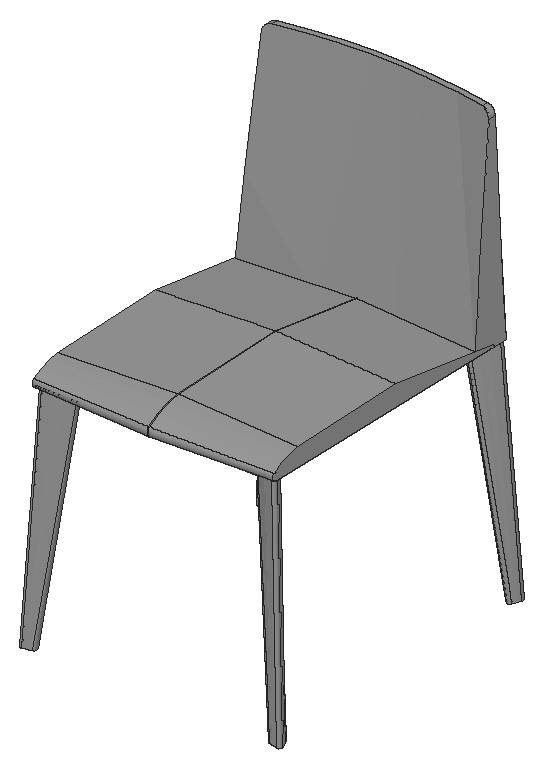
Revit family "Andreu World_Pillow_SI1540", category Furniture, Revit 2013
Parameters (values of type "SI-1540")
  Width = 490 mm
  Upholstery Material = Andreu World Fabric
  URL = "http://www.andreuworld.com/"
  Seat Height = 460 mm
  Reference = "SI-1540"
  Model = "Pillow"
  Manufacturer = "Andreu World"
  Legs Material = Andreu World Beech
  Height = 815 mm
  Description = "Chair with upholstered seat and backrest and solid beech wood frame."
  Depth = 555 mm
Reference planes
  plane 1 "Center (Front/Back)": y = 0
  plane 2: z = 0
  plane 3 "Center (Left/Right)": x = 0
  plane 4 "Back": y = 277.5
  plane 5 "Front": y = -277.5
  plane 6 "Seat Height": z = 460
  plane 7 "Height": z = 815
  plane 8 "Legs Height": z = 430
  plane 9: z = 400
  plane 10: x = -245
  plane 11: x = 245
Forms (mm)
  Blend 1, solid, material "Andreu World Beech" <- "Legs Material", detail levels medium+fine
    base sketch origin (35.318, -51.213, 0) x (1, 0, 0) y (0, 1, 0)
      loop
        arc (-261.21, -216.724) -> (-265.375, -215.469) -> (-268.947, -217.951) r 5
        arc (-268.947, -217.951) -> (-272.862, -225.737) -> (-276.019, -233.86) r 91.57
        arc (-276.019, -233.86) -> (-275.085, -238.688) -> (-270.468, -240.381) r 5
        arc (-270.468, -240.381) -> (-261.929, -238.631) -> (-253.556, -236.21) r 110
        arc (-253.556, -236.21) -> (-250.405, -233.092) -> (-250.971, -228.696) r 5
        arc (-250.971, -228.696) -> (-255.729, -222.401) -> (-261.21, -216.724) r 65.502
    top sketch origin (35.318, -51.213, 0) x (1, 0, 0) y (0, 1, 0)
      loop
        arc (-252.925, -216.895) -> (-252.209, -222.108) -> (-247.225, -223.794) r 5
        arc (-247.225, -223.794) -> (-221.844, -214.124) -> (-200.001, -197.98) r 100
        arc (-200.001, -197.98) -> (-198.518, -194.909) -> (-199.348, -191.602) r 5
        arc (-199.348, -191.602) -> (-205.63, -183.42) -> (-212.856, -176.059) r 85
        arc (-212.856, -176.059) -> (-215.904, -174.781) -> (-219.083, -175.684) r 5
        arc (-219.083, -175.684) -> (-238.802, -193.992) -> (-252.925, -216.895) r 100
    from 0 to 430
  Blend 2, solid, material "Andreu World Beech" <- "Legs Material", detail levels medium+fine
    base sketch origin (-6.185, -12.861, 0) x (0.984808, -0.173648, 0) y (0.173648, 0.984808, 0)
      loop
        arc (-263.875, 218.972) -> (-258.782, 224.967) -> (-254.441, 231.528) r 65.743
        arc (-254.441, 231.528) -> (-254.161, 235.973) -> (-257.537, 238.878) r 5
        arc (-257.537, 238.878) -> (-266.141, 240.707) -> (-274.862, 241.849) r 111.126
        arc (-274.862, 241.849) -> (-279.357, 239.813) -> (-279.915, 234.911) r 5
        arc (-279.915, 234.911) -> (-276.136, 227.082) -> (-271.636, 219.645) r 92.168
        arc (-271.636, 219.645) -> (-267.917, 217.45) -> (-263.875, 218.972) r 5
    top sketch origin (-6.185, -12.861, 0) x (0.984808, -0.173648, 0) y (0.173648, 0.984808, 0)
      loop
        arc (-220.477, 183.993) -> (-217.406, 183.236) -> (-214.495, 184.474) r 5
        arc (-214.495, 184.474) -> (-207.24, 191.98) -> (-201.245, 200.527) r 66.639
        arc (-201.245, 200.527) -> (-200.644, 204.026) -> (-202.517, 207.043) r 5
        arc (-202.517, 207.043) -> (-224.119, 219.689) -> (-248.144, 226.714) r 102.374
        arc (-248.144, 226.714) -> (-253.562, 224.404) -> (-253.784, 218.518) r 5.5
        arc (-253.784, 218.518) -> (-239.212, 199.247) -> (-220.477, 183.993) r 100.889
    from 0 to 430
  Blend 3, solid, material "Andreu World Beech" <- "Legs Material"
    base sketch origin (0, 0, 430) x (0, -1, 0) y (1, 0, 0)
      loop
        line (-252.206, -221.889) -> (275.898, -221.889)
        arc (275.898, -221.889) -> (285.667, 0) -> (275.896, 221.889) r 2524.514
        line (275.896, 221.889) -> (-252.206, 221.889) -> (-252.206, -221.889)
    top sketch origin (0, 0, 430) x (0, -1, 0) y (1, 0, 0)
      loop
        line (-212.206, -181.889) -> (239.63, -181.889)
        arc (239.63, -181.889) -> (246.294, 0) -> (239.627, 181.889) r 2485.141
        line (239.627, 181.889) -> (-212.206, 181.889) -> (-212.206, -181.889)
    from 0 to -30
  Blend 4, solid, material "Andreu World Fabric" <- "Upholstery Material", detail levels medium+fine
    base sketch origin (0, 0, 430) x (0, -1, 0) y (1, 0, 0)
      loop
        line (-252.206, -221.889) -> (-182.206, -221.889) -> (-182.206, 221.889) -> (-252.206, 221.889) -> (-252.206, -221.889)
    top sketch origin (0, 0, 430) x (0, -1, 0) y (1, 0, 0)
      loop
        line (-239.639, -221.889) -> (-229.244, -221.889)
        arc (-229.244, -221.889) -> (-255.786, -0.041) -> (-229.942, 221.889) r 952.922
        line (-229.942, 221.889) -> (-240.33, 221.889)
        arc (-240.33, 221.889) -> (-265.896, -0.04) -> (-239.639, -221.889) r 963.031
    from 0 to 397.617
  Extrusion 5, void
    sketch origin (0, 0, 0) x (1, 0, 0) y (0, 0, 1)
      loop
        line (-224.999, 340.945) -> (-208.95, 800.523)
        arc (-208.95, 800.523) -> (-204.379, 810.79) -> (-193.959, 815) r 15
        line (-193.959, 815) -> (193.959, 815)
        arc (193.959, 815) -> (204.379, 810.79) -> (208.95, 800.523) r 15
        line (208.95, 800.523) -> (224.999, 340.945) -> (311.61, 340.945) -> (311.61, 870.945) -> (-311.61, 870.945) -> (-311.61, 340.945) -> (-224.999, 340.945)
    from -477.218 to -179.4
  SweptBlend 6, solid, material "Andreu World Fabric" <- "Upholstery Material", detail levels medium+fine
    path origin (0, 0, 430) x (0, -1, 0) y (-1, 0, 0)
      loop
        line (0, 0) -> (0, 221.889)
    profile origin (0, 0, 430) x (0, -1, 0) y (0, 0, 1)
      loop
        arc (285.918, 0) -> (295.432, 6.92) -> (291.778, 18.103) r 10
        arc (291.778, 18.103) -> (260.752, 34.881) -> (226.449, 43.093) r 135.642
        arc (226.449, 43.093) -> (113.214, 50.53) -> (-0.257, 49.127) r 1456.047
        arc (-0.257, 49.127) -> (-111.721, 37.84) -> (-221.521, 15.574) r 1130.38
        arc (-221.521, 15.574) -> (-227.414, 6.925) -> (-219.567, 0) r 7.909
        line (-219.567, 0) -> (285.918, 0)
    end profile origin (-221.889, 0, 430) x (0, -1, 0) y (0, 0, 1)
      loop
        line (-222.06, 0) -> (276.4, 0)
        arc (276.4, 0) -> (283.562, 5.355) -> (280.451, 13.738) r 7.466
        arc (280.451, 13.738) -> (254.07, 26.684) -> (225.405, 33.147) r 125.642
        arc (225.405, 33.147) -> (112.948, 40.534) -> (0.257, 39.14) r 1446.047
        arc (0.257, 39.14) -> (-112.079, 27.669) -> (-222.689, 4.949) r 1120.38
        arc (-222.689, 4.949) -> (-224.554, 2.197) -> (-222.06, 0) r 2.515
  SweptBlend 7, solid, material "Andreu World Fabric" <- "Upholstery Material", detail levels medium+fine
    path origin (0, 0, 430) x (0, -1, 0) y (1, 0, 0)
      loop
        line (0, 0) -> (0, 221.889)
    profile origin (0, 0, 430) x (0, 1, 0) y (0, 0, 1)
      loop
        line (-285.918, 0) -> (219.567, 0)
        arc (219.567, 0) -> (227.414, 6.925) -> (221.521, 15.574) r 7.909
        arc (221.521, 15.574) -> (111.721, 37.84) -> (0.257, 49.127) r 1130.38
        arc (0.257, 49.127) -> (-113.214, 50.53) -> (-226.449, 43.093) r 1456.047
        arc (-226.449, 43.093) -> (-260.752, 34.881) -> (-291.778, 18.103) r 135.642
        arc (-291.778, 18.103) -> (-295.432, 6.92) -> (-285.918, 0) r 10
    end profile origin (221.889, 0, 430) x (0, 1, 0) y (0, 0, 1)
      loop
        arc (222.06, 0) -> (224.554, 2.197) -> (222.689, 4.949) r 2.515
        arc (222.689, 4.949) -> (112.079, 27.669) -> (-0.257, 39.14) r 1120.38
        arc (-0.257, 39.14) -> (-112.948, 40.534) -> (-225.405, 33.147) r 1446.047
        arc (-225.405, 33.147) -> (-254.07, 26.684) -> (-280.451, 13.738) r 125.642
        arc (-280.451, 13.738) -> (-283.562, 5.355) -> (-276.4, 0) r 7.466
        line (-276.4, 0) -> (222.06, 0)
  Blend 8, solid, material "Andreu World Beech" <- "Legs Material", detail levels medium+fine
    base sketch origin (-35.318, -51.213, 0) x (-1, 0, 0) y (0, -1, 0)
      loop
        arc (-261.21, 216.724) -> (-255.729, 222.401) -> (-250.971, 228.696) r 65.502
        arc (-250.971, 228.696) -> (-250.405, 233.092) -> (-253.556, 236.21) r 5
        arc (-253.556, 236.21) -> (-261.929, 238.631) -> (-270.468, 240.381) r 110
        arc (-270.468, 240.381) -> (-275.085, 238.688) -> (-276.019, 233.86) r 5
        arc (-276.019, 233.86) -> (-272.862, 225.737) -> (-268.947, 217.951) r 91.57
        arc (-268.947, 217.951) -> (-265.375, 215.469) -> (-261.21, 216.724) r 5
    top sketch origin (-35.318, -51.213, 0) x (-1, 0, 0) y (0, -1, 0)
      loop
        arc (-252.925, 216.895) -> (-238.802, 193.992) -> (-219.083, 175.684) r 100
        arc (-219.083, 175.684) -> (-215.904, 174.781) -> (-212.856, 176.059) r 5
        arc (-212.856, 176.059) -> (-205.63, 183.42) -> (-199.348, 191.602) r 85
        arc (-199.348, 191.602) -> (-198.518, 194.909) -> (-200.001, 197.98) r 5
        arc (-200.001, 197.98) -> (-221.844, 214.124) -> (-247.225, 223.794) r 100
        arc (-247.225, 223.794) -> (-252.209, 222.108) -> (-252.925, 216.895) r 5
    from 0 to 430
  Blend 9, solid, material "Andreu World Beech" <- "Legs Material", detail levels medium+fine
    base sketch origin (6.185, -12.861, 0) x (-0.984808, -0.173648, 0) y (0.173648, -0.984808, 0)
      loop
        arc (-263.875, -218.972) -> (-267.917, -217.45) -> (-271.636, -219.645) r 5
        arc (-271.636, -219.645) -> (-276.136, -227.082) -> (-279.915, -234.911) r 92.168
        arc (-279.915, -234.911) -> (-279.357, -239.813) -> (-274.862, -241.849) r 5
        arc (-274.862, -241.849) -> (-266.141, -240.707) -> (-257.537, -238.878) r 111.126
        arc (-257.537, -238.878) -> (-254.161, -235.973) -> (-254.441, -231.528) r 5
        arc (-254.441, -231.528) -> (-258.782, -224.967) -> (-263.875, -218.972) r 65.743
    top sketch origin (6.185, -12.861, 0) x (-0.984808, -0.173648, 0) y (0.173648, -0.984808, 0)
      loop
        arc (-220.477, -183.993) -> (-239.212, -199.247) -> (-253.784, -218.518) r 100.889
        arc (-253.784, -218.518) -> (-253.562, -224.404) -> (-248.144, -226.714) r 5.5
        arc (-248.144, -226.714) -> (-224.119, -219.689) -> (-202.517, -207.043) r 102.374
        arc (-202.517, -207.043) -> (-200.644, -204.026) -> (-201.245, -200.527) r 5
        arc (-201.245, -200.527) -> (-207.24, -191.98) -> (-214.495, -184.474) r 66.639
        arc (-214.495, -184.474) -> (-217.406, -183.236) -> (-220.477, -183.993) r 5
    from 0 to 430
Cuts and joins
  Extrusion 5 cuts Blend 4
Lines and regions (mm)
  model lines, detail levels coarse+medium
    curve 1: arc (-216.889, -281.184, 0) -> (0, -290.453, 0) -> (216.889, -281.181, 0) r 2541.8
    curve 2: arc (-216.889, 265.792, 0) -> (-0.032, 289.199, 0) -> (216.889, 266.401, 0) r 1029.662
    curve 3: line (216.889, 192.872, 0) -> (-216.889, 177.724, 0)
    curve 4: arc (-241.11, 266.314, 0) -> (-239.598, 271.55, 0) -> (-234.313, 272.881, 0) r 5.47
    curve 5: arc (-234.313, 272.881, 0) -> (-226.417, 270.332, 0) -> (-218.735, 267.194, 0) r 110
    curve 6: arc (-218.735, 267.194, 0) -> (-215.934, 263.793, 0) -> (-216.912, 259.496, 0) r 5
    curve 7: arc (-216.912, 259.496, 0) -> (-222.282, 253.629, 0) -> (-228.329, 248.462, 0) r 65
    curve 8: arc (-228.329, 248.462, 0) -> (-232.657, 247.632, 0) -> (-235.961, 250.549, 0) r 5
    curve 9: arc (-235.961, 250.549, 0) -> (-238.833, 258.334, 0) -> (-241.11, 266.314, 0) r 110
    curve 10: arc (-234.059, -269.288, 0) -> (-230.469, -266.733, 0) -> (-226.251, -268.011, 0) r 5
    curve 11: arc (-240.828, -284.429, 0) -> (-237.73, -276.731, 0) -> (-234.059, -269.288, 0) r 110
    curve 12: arc (-234.755, -291.67, 0) -> (-239.872, -289.794, 0) -> (-240.828, -284.429, 0) r 5.47
    curve 13: arc (-218.669, -287.643, 0) -> (-226.636, -289.96, 0) -> (-234.755, -291.67, 0) r 110
    curve 14: arc (-216.05, -280.177, 0) -> (-215.527, -284.553, 0) -> (-218.669, -287.643, 0) r 5
    curve 15: arc (-226.251, -268.011, 0) -> (-220.778, -273.781, 0) -> (-216.05, -280.177, 0) r 65
    curve 16: line (-216.889, 265.792, 0) -> (-216.889, -281.184, 0)
    curve 17: line (-218.328, 267.109, 0) -> (-216.785, 265.815, 0)
    curve 18: line (-234.114, 248.296, 0) -> (-216.889, 231.071, 0)
    curve 19: line (-231.608, -267.061, 0) -> (-216.889, -254.711, 0)
    curve 20: line (-216.587, -286.306, 0) -> (-210.059, -281.759, 0)
    curve 21: arc (241.11, 266.314, 0) -> (239.598, 271.55, 0) -> (234.313, 272.881, 0) r 5.47
    curve 22: arc (234.313, 272.881, 0) -> (226.417, 270.332, 0) -> (218.735, 267.194, 0) r 110
    curve 23: arc (218.735, 267.194, 0) -> (215.938, 263.811, 0) -> (216.889, 259.524, 0) r 5
    curve 24: arc (216.889, 259.524, 0) -> (222.269, 253.642, 0) -> (228.329, 248.462, 0) r 65
    curve 25: arc (228.329, 248.462, 0) -> (232.657, 247.632, 0) -> (235.961, 250.549, 0) r 5
    curve 26: arc (235.961, 250.549, 0) -> (238.833, 258.334, 0) -> (241.11, 266.314, 0) r 110
    curve 27: arc (234.059, -269.288, 0) -> (230.469, -266.733, 0) -> (226.251, -268.011, 0) r 5
    curve 28: arc (240.828, -284.429, 0) -> (237.73, -276.731, 0) -> (234.059, -269.288, 0) r 110
    curve 29: arc (234.755, -291.67, 0) -> (239.872, -289.794, 0) -> (240.828, -284.429, 0) r 5.47
    curve 30: arc (218.669, -287.643, 0) -> (226.636, -289.96, 0) -> (234.755, -291.67, 0) r 110
    curve 31: arc (216.05, -280.177, 0) -> (215.527, -284.553, 0) -> (218.669, -287.643, 0) r 5
    curve 32: arc (226.251, -268.011, 0) -> (220.778, -273.781, 0) -> (216.05, -280.177, 0) r 65
    curve 33: line (216.889, 266.401, 0) -> (216.889, -281.181, 0)
    curve 34: line (218.328, 267.109, 0) -> (216.889, 265.901, 0)
    curve 35: line (234.114, 248.296, 0) -> (216.889, 231.071, 0)
    curve 36: line (231.608, -267.061, 0) -> (216.889, -254.711, 0)
    curve 37: line (216.587, -286.306, 0) -> (210.055, -281.757, 0)
Dimensions and locks
  "Depth": plane 4 "Back" to plane 5 "Front"
  equal spacing: plane 4 "Back", plane 1 "Center (Front/Back)", plane 5 "Front"
  "Seat Height": plane 6 "Seat Height" to level
  "Height": plane 7 "Height" to level
  plane 6 "Seat Height" to plane 8 "Legs Height" = 30 mm
  plane 8 "Legs Height" to plane 9 = 30 mm
  "Width": plane 10 to plane 11
  equal spacing: plane 10, plane 3 "Center (Left/Right)", plane 11
  aligned and locked: level to plane 2
  aligned and locked: Blend 1 to level
  aligned and locked: Blend 2 to level
  aligned and locked: Blend 3 to SweptBlend 6 sketch curve
  aligned and locked: plane 1 "Center (Front/Back)" to SweptBlend 6 sketch curve
  aligned and locked: Blend 4 sketch curve to Blend 3  (x2)
Automatic sketch dimensions
  plane 10 to Blend 1 sketch curve = 25.189 mm
  plane 10 to Blend 1 sketch curve = 7.953 mm
  Blend 1 sketch curve to plane 10 = 4.299 mm
  Blend 1 sketch curve to Blend 1 sketch curve = 0 mm  (x10)
  Blend 1 sketch curve to Blend 1 sketch curve = 4.741 mm
  Blend 1 sketch curve to Blend 1 sketch curve = 0.809 mm
  Blend 1 sketch curve to plane 10 = 11.371 mm
  Blend 1 sketch curve to Blend 1 sketch curve = 4.355 mm
  Blend 1 sketch curve to Blend 1 sketch curve = 3.381 mm
  Blend 1 sketch curve to plane 5 "Front" = 5.178 mm
  Blend 1 sketch curve to Blend 1 sketch curve = 9.458 mm
  Blend 1 sketch curve to Blend 1 sketch curve = 1.578 mm
  Blend 1 sketch curve to plane 5 "Front" = 2.409 mm
  Blend 1 sketch curve to Blend 1 sketch curve = 4.163 mm
  Blend 1 sketch curve to plane 10 = 10.509 mm
  Blend 1 sketch curve to plane 10 = 10.531 mm
  plane 5 "Front" to Blend 1 sketch curve = 9.392 mm
  Blend 1 sketch curve to plane 10 = 27.393 mm
  Blend 1 sketch curve to Blend 1 sketch curve = 4.57 mm
  plane 5 "Front" to Blend 1 sketch curve = 2.493 mm
  Blend 1 sketch curve to Blend 1 sketch curve = 1.129 mm
  Blend 1 sketch curve to Blend 1 sketch curve = 29.271 mm
  Blend 1 sketch curve to Blend 1 sketch curve = 2.878 mm
  Blend 1 sketch curve to Blend 1 sketch curve = 3.349 mm
  Blend 1 sketch curve to Blend 1 sketch curve = 12.713 mm
  Blend 1 sketch curve to Blend 1 sketch curve = 3.49 mm
  Blend 1 sketch curve to Blend 1 sketch curve = 4.143 mm
  Blend 2 sketch curve to plane 10 = 21.875 mm
  Blend 2 sketch curve to plane 4 "Back" = 24.143 mm
  Blend 2 sketch curve to Blend 2 sketch curve = 26.422 mm
  Blend 2 sketch curve to Blend 2 sketch curve = 31.428 mm
  Blend 2 sketch curve to Blend 2 sketch curve = 0 mm  (x12)
  Blend 2 sketch curve to Blend 2 sketch curve = 4.6 mm
  Blend 2 sketch curve to Blend 2 sketch curve = 0.453 mm
  Blend 2 sketch curve to Blend 2 sketch curve = 8.279 mm
  Blend 2 sketch curve to Blend 2 sketch curve = 4.151 mm
  Blend 2 sketch curve to Blend 2 sketch curve = 3.61 mm
  Blend 2 sketch curve to Blend 2 sketch curve = 8.716 mm
  Blend 2 sketch curve to Blend 2 sketch curve = 1.232 mm
  Blend 2 sketch curve to Blend 2 sketch curve = 4.328 mm
  plane 10 to Blend 2 sketch curve = 0.011 mm
  plane 4 "Back" to Blend 2 sketch curve = 120.635 mm
  Blend 2 sketch curve to Blend 2 sketch curve = 6.015 mm
  Blend 2 sketch curve to Blend 2 sketch curve = 4.85 mm
  Blend 2 sketch curve to Blend 2 sketch curve = 4.753 mm
  Blend 2 sketch curve to Blend 2 sketch curve = 0.887 mm
  Blend 2 sketch curve to Blend 2 sketch curve = 28.554 mm
  Blend 2 sketch curve to Blend 2 sketch curve = 2.67 mm
  Blend 2 sketch curve to Blend 2 sketch curve = 3.312 mm
  Blend 2 sketch curve to Blend 2 sketch curve = 12.256 mm
  Blend 2 sketch curve to Blend 2 sketch curve = 3.035 mm
  Blend 2 sketch curve to Blend 2 sketch curve = 4.306 mm
  Blend 3 sketch curve to plane 4 "Back" = 25.294 mm
  plane 5 "Front" to Blend 3 sketch curve = 1.602 mm
  Blend 3 sketch curve to plane 10 = 23.111 mm
  plane 5 "Front" to Blend 3 sketch curve = 1.604 mm
  Blend 3 sketch curve to plane 3 "Center (Left/Right)" = 0.015 mm  (x2)
  plane 4 "Back" to Blend 3 sketch curve = 1961.347 mm  (x2)
  Blend 3 sketch curve to plane 4 "Back" = 65.294 mm
  Blend 3 sketch curve to plane 10 = 63.111 mm
  plane 5 "Front" to Blend 3 sketch curve = 37.873 mm
  plane 1 "Center (Front/Back)" to Blend 3 sketch curve = 239.63 mm
  Blend 4 sketch curve to plane 4 "Back" = 25.294 mm
  Blend 4 sketch curve to Blend 4 sketch curve = 70 mm
  Blend 4 sketch curve to Blend 4 sketch curve = 0 mm  (x2)
  Blend 4 sketch curve to plane 4 "Back" = 37.17 mm
  Blend 4 sketch curve to plane 10 = 23.111 mm
  Blend 4 sketch curve to plane 1 "Center (Front/Back)" = 239.639 mm
  Blend 4 sketch curve to Blend 4 sketch curve = 10.388 mm
  plane 3 "Center (Left/Right)" to Blend 4 sketch curve = 1.459 mm
  Blend 4 sketch curve to plane 5 "Front" = 419.635 mm
  SweptBlend 6 sketch curve to plane 3 "Center (Left/Right)" = 0 mm
  plane 8 "Legs Height" to SweptBlend 6 sketch curve = 0 mm  (x2)
  profile plane to SweptBlend 6 sketch curve = 219.567 mm
  SweptBlend 6 sketch curve to profile plane = 285.918 mm
  SweptBlend 6 sketch curve to SweptBlend 6 sketch curve = 1.954 mm
  SweptBlend 6 sketch curve to SweptBlend 6 sketch curve = 0 mm  (x7)
  profile plane to SweptBlend 6 sketch curve = 0.257 mm
  SweptBlend 6 sketch curve to profile plane = 57.757 mm  (x2)
  SweptBlend 6 sketch curve to profile plane = 74.471 mm  (x2)
  SweptBlend 6 sketch curve to SweptBlend 6 sketch curve = 73.627 mm
  SweptBlend 6 sketch curve to plane 8 "Legs Height" = 43.093 mm
  SweptBlend 6 sketch curve to SweptBlend 6 sketch curve = 59.47 mm
  SweptBlend 6 sketch curve to SweptBlend 6 sketch curve = 5.86 mm
  profile plane to SweptBlend 6 sketch curve = 222.06 mm
  SweptBlend 6 sketch curve to profile plane = 276.4 mm
  SweptBlend 6 sketch curve to SweptBlend 6 sketch curve = 0.629 mm
  SweptBlend 6 sketch curve to profile plane = 0.257 mm
  SweptBlend 6 sketch curve to SweptBlend 6 sketch curve = 64.11 mm
  SweptBlend 6 sketch curve to SweptBlend 6 sketch curve = 50.996 mm
  SweptBlend 6 sketch curve to SweptBlend 6 sketch curve = 4.05 mm
  plane 1 "Center (Front/Back)" to SweptBlend 7 sketch curve = 0 mm
  SweptBlend 7 sketch curve to plane 3 "Center (Left/Right)" = 0 mm
  plane 11 to SweptBlend 7 sketch curve = 23.111 mm
  plane 8 "Legs Height" to SweptBlend 7 sketch curve = 0 mm  (x2)
  profile plane to SweptBlend 7 sketch curve = 285.918 mm
  SweptBlend 7 sketch curve to profile plane = 219.567 mm
  SweptBlend 7 sketch curve to SweptBlend 7 sketch curve = 5.86 mm
  SweptBlend 7 sketch curve to SweptBlend 7 sketch curve = 0 mm  (x6)
  SweptBlend 7 sketch curve to plane 8 "Legs Height" = 43.093 mm
  SweptBlend 7 sketch curve to SweptBlend 7 sketch curve = 59.47 mm
  plane 8 "Legs Height" to SweptBlend 7 sketch curve = 91.809 mm  (x2)
  profile plane to SweptBlend 7 sketch curve = 74.471 mm  (x2)
  profile plane to SweptBlend 7 sketch curve = 57.757 mm  (x2)
  SweptBlend 7 sketch curve to profile plane = 0.257 mm
  SweptBlend 7 sketch curve to SweptBlend 7 sketch curve = 1.954 mm
  profile plane to SweptBlend 7 sketch curve = 276.4 mm
  SweptBlend 7 sketch curve to profile plane = 222.06 mm
  SweptBlend 7 sketch curve to SweptBlend 7 sketch curve = 4.05 mm
  SweptBlend 7 sketch curve to plane 8 "Legs Height" = 33.147 mm
  SweptBlend 7 sketch curve to SweptBlend 7 sketch curve = 50.996 mm
  profile plane to SweptBlend 7 sketch curve = 0.257 mm
  SweptBlend 7 sketch curve to SweptBlend 7 sketch curve = 0.629 mm
  plane 11 to Blend 8 sketch curve = 25.189 mm
  plane 11 to Blend 8 sketch curve = 7.953 mm
  Blend 8 sketch curve to plane 11 = 4.299 mm
  Blend 8 sketch curve to Blend 8 sketch curve = 0 mm  (x10)
  Blend 8 sketch curve to Blend 8 sketch curve = 4.741 mm
  Blend 8 sketch curve to Blend 8 sketch curve = 0.809 mm
  Blend 8 sketch curve to plane 11 = 11.371 mm
  Blend 8 sketch curve to Blend 8 sketch curve = 4.355 mm
  Blend 8 sketch curve to Blend 8 sketch curve = 3.381 mm
  plane 5 "Front" to Blend 8 sketch curve = 5.178 mm
  Blend 8 sketch curve to Blend 8 sketch curve = 9.458 mm
  Blend 8 sketch curve to Blend 8 sketch curve = 1.578 mm
  plane 5 "Front" to Blend 8 sketch curve = 2.409 mm
  Blend 8 sketch curve to Blend 8 sketch curve = 4.163 mm
  Blend 8 sketch curve to plane 11 = 10.509 mm
  Blend 8 sketch curve to plane 11 = 10.531 mm
  Blend 8 sketch curve to plane 5 "Front" = 9.392 mm
  Blend 8 sketch curve to plane 11 = 27.393 mm
  Blend 8 sketch curve to Blend 8 sketch curve = 4.57 mm
  Blend 8 sketch curve to plane 5 "Front" = 2.493 mm
  Blend 8 sketch curve to Blend 8 sketch curve = 1.129 mm
  Blend 8 sketch curve to Blend 8 sketch curve = 29.271 mm
  Blend 8 sketch curve to Blend 8 sketch curve = 2.878 mm
  Blend 8 sketch curve to Blend 8 sketch curve = 3.349 mm
  Blend 8 sketch curve to Blend 8 sketch curve = 12.713 mm
  Blend 8 sketch curve to Blend 8 sketch curve = 3.49 mm
  Blend 8 sketch curve to Blend 8 sketch curve = 4.143 mm
  Blend 9 sketch curve to plane 11 = 21.875 mm
  plane 4 "Back" to Blend 9 sketch curve = 24.143 mm
  Blend 9 sketch curve to Blend 9 sketch curve = 26.422 mm
  Blend 9 sketch curve to Blend 9 sketch curve = 31.428 mm
  Blend 9 sketch curve to Blend 9 sketch curve = 0 mm  (x12)
  Blend 9 sketch curve to Blend 9 sketch curve = 4.6 mm
  Blend 9 sketch curve to Blend 9 sketch curve = 0.453 mm
  Blend 9 sketch curve to Blend 9 sketch curve = 8.279 mm
  Blend 9 sketch curve to Blend 9 sketch curve = 4.151 mm
  Blend 9 sketch curve to Blend 9 sketch curve = 3.61 mm
  Blend 9 sketch curve to Blend 9 sketch curve = 8.716 mm
  Blend 9 sketch curve to Blend 9 sketch curve = 1.232 mm
  Blend 9 sketch curve to Blend 9 sketch curve = 4.328 mm
  plane 11 to Blend 9 sketch curve = 0.011 mm
  Blend 9 sketch curve to plane 4 "Back" = 120.635 mm
  Blend 9 sketch curve to Blend 9 sketch curve = 6.015 mm
  Blend 9 sketch curve to Blend 9 sketch curve = 4.85 mm
  Blend 9 sketch curve to Blend 9 sketch curve = 4.753 mm
  Blend 9 sketch curve to Blend 9 sketch curve = 0.887 mm
  Blend 9 sketch curve to Blend 9 sketch curve = 28.554 mm
  Blend 9 sketch curve to Blend 9 sketch curve = 2.67 mm
  Blend 9 sketch curve to Blend 9 sketch curve = 3.312 mm
  Blend 9 sketch curve to Blend 9 sketch curve = 12.256 mm
  Blend 9 sketch curve to Blend 9 sketch curve = 3.035 mm
  Blend 9 sketch curve to Blend 9 sketch curve = 4.306 mm
  curve 16 to plane 10 = 28.111 mm
  curve 16 to plane 5 "Front" = 3.684 mm
  plane 10 to curve 15 = 25.586 mm
  plane 10 to curve 7 = 22.452 mm
  plane 10 to curve 5 = 19.139 mm
  plane 10 to curve 13 = 8.351 mm
  curve 9 to plane 10 = 3.89 mm
  curve 4 to curve 9 = 0 mm
  curve 12 to plane 10 = 4.172 mm
  curve 11 to curve 12 = 0 mm
  curve 9 to plane 10 = 9.039 mm
  curve 8 to curve 9 = 0 mm
  curve 9 to curve 4 = 5.313 mm
  curve 11 to curve 12 = 5.148 mm
  curve 12 to curve 13 = 0.925 mm
  curve 12 to curve 13 = 0 mm
  curve 4 to plane 4 "Back" = 4.619 mm
  curve 4 to curve 4 = 1.483 mm
  curve 5 to curve 4 = 0 mm
  curve 9 to curve 18 = 1.847 mm
  curve 10 to plane 10 = 10.941 mm
  curve 11 to curve 10 = 0 mm
  curve 11 to curve 19 = 2.452 mm
  curve 18 to curve 8 = 2.775 mm
  curve 11 to curve 10 = 4.398 mm
  curve 8 to curve 8 = 3.01 mm
  curve 7 to curve 8 = 0 mm
  curve 10 to curve 10 = 3.41 mm
  curve 15 to curve 10 = 0 mm
  curve 6 to curve 2 = 3.911 mm
  curve 14 to curve 1 = 3.356 mm
  curve 6 to curve 2 = 1.847 mm
  curve 5 to curve 6 = 0 mm
  curve 14 to curve 14 = 1.576 mm
  curve 13 to curve 14 = 0 mm
  curve 17 to plane 4 "Back" = 10.391 mm
  curve 6 to curve 17 = 0.408 mm
  curve 6 to curve 6 = 3.888 mm
  curve 7 to curve 6 = 0 mm
  curve 17 to plane 4 "Back" = 11.685 mm
  curve 16 to curve 17 = 0.103 mm
  curve 20 to plane 5 "Front" = 8.806 mm
  curve 13 to curve 20 = 2.082 mm
  curve 16 to curve 14 = 0.839 mm
  curve 15 to curve 14 = 0 mm
  curve 20 to plane 5 "Front" = 4.259 mm
  curve 15 to curve 20 = 5.991 mm
  curve 1 to plane 3 "Center (Left/Right)" = 0.015 mm
  plane 3 "Center (Left/Right)" to curve 2 = 1.413 mm
  plane 4 "Back" to curve 26 = 14.987 mm
  curve 26 to curve 2 = 82.62 mm
  curve 28 to plane 5 "Front" = 44.126 mm
  curve 28 to curve 33 = 79.58 mm
  curve 37 to plane 5 "Front" = 4.257 mm
  curve 31 to curve 33 = 0.839 mm
  curve 32 to curve 31 = 0 mm
  curve 37 to plane 5 "Front" = 8.806 mm
  curve 37 to curve 33 = 0.302 mm
  plane 11 to curve 3 = 28.111 mm
  curve 34 to plane 4 "Back" = 10.391 mm
  curve 33 to curve 34 = 1.439 mm
  curve 37 to curve 30 = 2.082 mm
  curve 31 to curve 30 = 0 mm
  curve 34 to curve 22 = 0.408 mm
  curve 23 to curve 22 = 0 mm
  curve 1 to curve 31 = 3.356 mm
  curve 22 to curve 23 = 2.064 mm
  plane 5 "Front" to curve 32 = 9.489 mm
  curve 31 to curve 32 = 10.201 mm
  curve 27 to curve 32 = 0 mm
  curve 24 to curve 24 = 11.44 mm
  curve 25 to curve 24 = 0 mm
  curve 32 to curve 27 = 3.41 mm
  curve 25 to curve 25 = 3.01 mm
  plane 5 "Front" to curve 36 = 10.439 mm
  curve 27 to curve 36 = 1.946 mm
  curve 28 to curve 27 = 0 mm
  curve 25 to curve 35 = 2.775 mm
  curve 21 to plane 4 "Back" = 4.619 mm
  plane 11 to curve 21 = 10.687 mm
  curve 22 to curve 21 = 0 mm
  plane 11 to curve 30 = 10.245 mm
  curve 29 to curve 30 = 0 mm
  curve 29 to curve 29 = 0.925 mm
  curve 22 to curve 21 = 1.483 mm
  curve 35 to curve 26 = 1.847 mm
  curve 25 to curve 26 = 0 mm
  curve 29 to curve 29 = 5.148 mm
  plane 11 to curve 26 = 3.89 mm
  curve 21 to curve 26 = 0 mm
  curve 22 to plane 11 = 19.139 mm
  curve 24 to plane 11 = 22.452 mm
  curve 33 to curve 34 = 0.708 mm
  curve 27 to curve 36 = 13.3 mm
  curve 10 to curve 19 = 13.3 mm
  curve 5 to curve 3 = 10.722 mm
  curve 22 to curve 3 = 25.87 mm
  curve 18 to curve 7 = 17.391 mm
  curve 35 to curve 24 = 17.391 mm
  curve 34 to curve 2 = 0.5 mm
  Extrusion 5 sketch curve to plane 7 "Height" = 0 mm
  plane 10 to Extrusion 5 sketch curve = 66.61 mm
  Extrusion 5 sketch curve to plane 10 = 20.001 mm
  Extrusion 5 sketch curve to plane 9 = 59.055 mm  (x2)
  Extrusion 5 sketch curve to plane 7 "Height" = 14.477 mm  (x2)
  Extrusion 5 sketch curve to plane 10 = 36.05 mm
  Extrusion 5 sketch curve to Extrusion 5 sketch curve = 14.991 mm
  plane 11 to Extrusion 5 sketch curve = 36.05 mm
  plane 11 to Extrusion 5 sketch curve = 20.001 mm
  Extrusion 5 sketch curve to plane 11 = 66.61 mm
  Extrusion 5 sketch curve to plane 7 "Height" = 15 mm
  plane 7 "Height" to Extrusion 5 sketch curve = 55.945 mm
